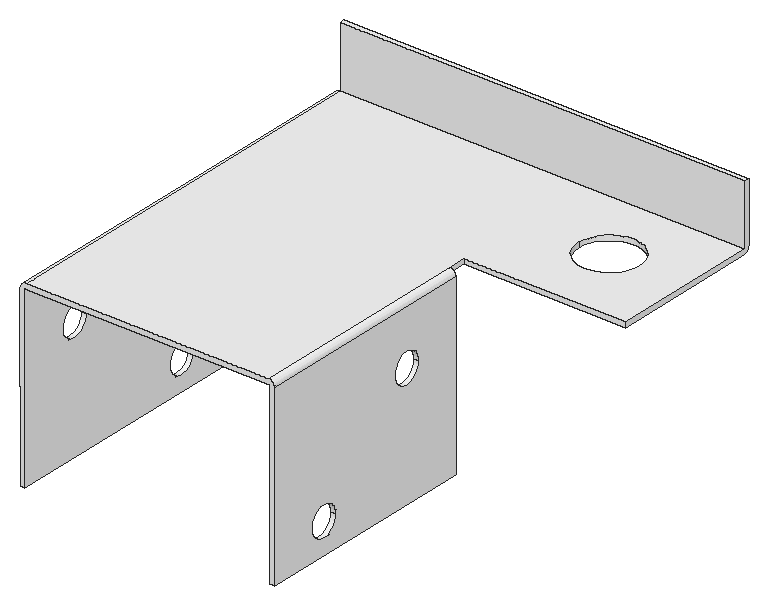
Revit family "newsqhanger", category 機械設備, Revit 2022
Family settings
  丸型コネクタ寸法 = 直径を使用
  種別 = なし
  パーツ タイプ = 標準
  作業面ベース = いいえ
  常に垂直 = はい
  ロード時にボイドで切り取り = いいえ
  注釈の向きを維持 = いいえ
  共有 = いいえ
  部屋計算ポイント = いいえ
Parameters
  製造元 = "株式会社桐井製作所"
  既定の高さ = 0 mm
  URL = "https://www.kirii.co.jp/"
  K_材質 = "溶融亜鉛めっき鋼板"
  K_品名 = "新SQハンガー"
  K_名称 = "SQ-BAR関連部材"
  K_入数 = "240"
  K_バージョン情報 = "20210524"
Reference planes
  plane 1 "中心(正面/背面)": y = 0
  plane 2: z = 0
  plane 3 "中心(左/右)": x = 0
Forms (mm)
  Extrusion 1, void
    sketch origin (0, 0, 0) x (1, 0, 0) y (0, 1, 0)
      loop
        line (8.8, 19.2) -> (8.8, -20.8) -> (35.25, -20.8) -> (35.25, 19.2) -> (8.8, 19.2)
    from 0 to 0.8
  Extrusion 2, solid
    sketch origin (-11, 14.25, 0) x (1, 0, 0) y (0, 0, 1)
      loop
        arc (20.8, -0.2) -> (20.507, 0.507) -> (19.8, 0.8) r 1
        line (19.8, 0.8) -> (18.952, 0.8) -> (18.952, 0) -> (20, 0) -> (20, -29.2) -> (20.8, -29.2) -> (20.8, -0.2)
    from -1.95 to 35.05
  Extrusion 3, solid
    sketch origin (0, 0, 0) x (1, 0, 0) y (0, 0, 1)
      loop
        line (-31, -29.2) -> (-31, 0) -> (35.2, 0) -> (35.2, 0.8) -> (-30.8, 0.8)
        arc (-30.8, 0.8) -> (-31.507, 0.507) -> (-31.8, -0.2) r 1
        line (-31.8, -0.2) -> (-31.8, -29.2) -> (-31, -29.2)
    from -43.4 to 20.8
  Extrusion 4, void
    sketch origin (0, 0, 0) x (1, 0, 0) y (0, 1, 0)
      loop
        circle (22.55, 31.7) r 5
    from 0 to 0.8
  Extrusion 5, void
    sketch origin (0, 0, 0) x (0, 1, 0) y (0, 0, 1)
      loop
        circle (33.3, -9.155) r 2.5
      loop
        circle (11.2, -24.2) r 2.5
      loop
        circle (-10.7, -9.175) r 2.5
    from -32 to -30.75
  Extrusion 6, solid
    sketch origin (0, 22.498, 0) x (0, -1, 0) y (0, 0, -1)
      loop
        line (-21.8, -10.8) -> (-21, -10.8) -> (-21, -0.8) -> (-19.322, -0.8) -> (-19.322, 0) -> (-20.8, 0)
        arc (-20.8, 0) -> (-21.507, -0.293) -> (-21.8, -1) r 1
        line (-21.8, -1) -> (-21.8, -10.8)
    from -30.893 to 35.25
  Extrusion 7, void
    sketch origin (0, 0, 0) x (0, 1, 0) y (0, 0, 1)
      loop
        circle (6.2, -9.2) r 2.5
      loop
        circle (-10.8, -24.2) r 2.5
    from 9 to 9.8
Cuts and joins
  Extrusion 4, Extrusion 5, Extrusion 7 cuts Extrusion 2
  Extrusion 1, Extrusion 4, Extrusion 5, Extrusion 7 cuts Extrusion 3
  joined: Extrusion 2, Extrusion 3, Extrusion 6
Dimensions and locks
  aligned and locked: level to plane 2
